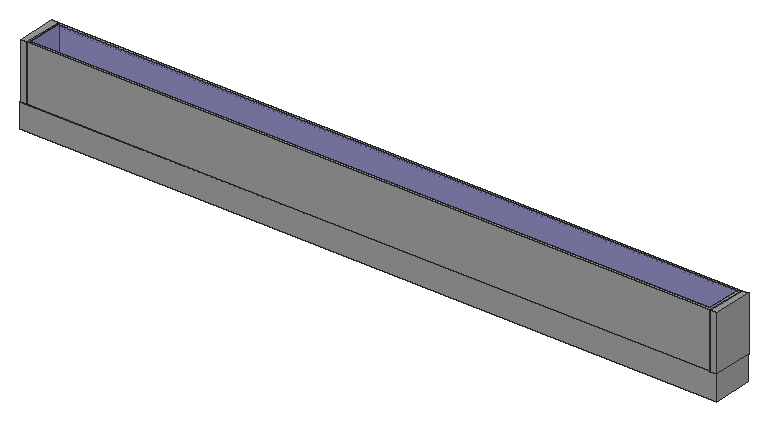
Revit family "77155_HOST_FACE", category Lighting Fixtures, host Face, Revit 2015
Parameters (values of type "Facade floodlights")
  Wattage = 17.2813 W
  built-in parameter 1150110 = 1 (stored number, unit not read)
  URL = "www.bega-us.com"
  built-in parameter 1114217 = 1 (stored number, unit not read)
  Tilt Angle = 90.00°
  built-in parameter 1150109 = 1 (stored number, unit not read)
  built-in parameter 1150134 = (empty or 0)
  Telephone = "805.684.0533"
  built-in parameter 1150113 = 1 (stored number, unit not read)
  Photometric Web File = "77155.ies"
  Model = "77 155"
  Manufacturer = "BEGA-US"
  built-in parameter 1150105 = 204.28 (stored number, unit not read)
  Lumens = 2567 lm
  built-in parameter 1150115 = 1 (stored number, unit not read)
  built-in parameter 1150137 = (empty or 0)
  built-in parameter 1150139 = (empty or 0)
  built-in parameter 1150112 = 1 (stored number, unit not read)
  built-in parameter 1150114 = 1 (stored number, unit not read)
  Lamp = "33.6W LED"
  built-in parameter 1150132 = 2
  built-in parameter 1150102 = (empty or 0)
  built-in parameter 1150107 = 3000 (stored number, unit not read)
  built-in parameter 1150138 = (empty or 0)
  built-in parameter 1150106 = 2.0428 (stored number, unit not read)
  built-in parameter 1150104 = 13.8 (stored number, unit not read)
  Dimming Lamp Color Temperature Shift = <None>
  Description = "Facade floodlight - symmetric wide beam"
  Default Elevation = 0' - 0"
  Color Filter = 16777215
  built-in parameter 1114218 = 1 (stored number, unit not read)
  built-in parameter 1150133 = 10 (stored number, unit not read)
Types (5): name | Wattage | built-in parameter 1150134 | Photometric Web File | Model | built-in parameter 1150105 | Lumens | Lamp | built-in parameter 1150107 | built-in parameter 1150106 | Description | Default Elevation
  (no name) | 17.2813 W | (empty or 0) | "77155.ies" | "77 155" | 204.28 (stored number, unit not read) | 2567 lm | "33.6W LED" | 3000 (stored number, unit not read) | 2.0428 (stored number, unit not read) | "Facade floodlight - symmetric wide beam" | 0' - 0"
  Wall Luminaires - Directed Light | 18.4392 W | (empty or 0) | "generic" | "2260LED" | 217.96 (stored number, unit not read) | 2739 lm | "44.6W LED" | 3000 (stored number, unit not read) | 2.1796 (stored number, unit not read) | "Surface wall with cutoff optics" | 6' - 0"
  Wall Luminaires - Linear | 9.92985 W | 9 | "generic" | "4425P" | 117.38 (stored number, unit not read) | 1475 lm | "(1) 39W CF twin-4-p" | 3450 (stored number, unit not read) | 1.1738 (stored number, unit not read) | "Suface wall - linear with white acrylic diffuser" | 6' - 0"
  Ceiling and Wall Luminaires - Unshielded | 2.66591 W | (empty or 0) | "33508.ies" | "33 508" | 31.513 (stored number, unit not read) | 396 lm | "8.4W LED" | 3000 (stored number, unit not read) | 0.31513 (stored number, unit not read) | "LED ceiling and wall luminaires - impact resistant" | 6' - 0"
  Facade floodlights | 17.2813 W | (empty or 0) | "77155.ies" | "77 155" | 204.28 (stored number, unit not read) | 2567 lm | "33.6W LED" | 3000 (stored number, unit not read) | 2.0428 (stored number, unit not read) | "Facade floodlight - symmetric wide beam" | 0' - 0"
Reference planes (in)
  plane 1 "Center (Front/Back)": y = 0
  plane 2: z = 0
  plane 3 "Center (Left/Right)": x = 0
Dimensions and locks (in)
  aligned and locked: plane 2 to host face
  aligned and locked: level to host face
Nested families (in)
  nested 1: "77153" at (0, 0, 0), type "77153"
Connectors (in)
  electrical at (0, 0, 0)
    settings: on host face, index 1, voltage 0 V, apparent load 0 VA, apparent load phase1 0 VA, apparent load phase2 0 VA, apparent load phase3 0 VA, power factor 1, load classification "Other", number of poles 1, system type 31, power factor state 1, is connector primary yes, connector utility no, sub classification motor no, connector description ""
Definition of nested family "77153"
  Reference planes (in)
    plane 1 "Center (Front/Back)": y = 0
    plane 2: z = 0
    plane 3 "Center (Left/Right)": x = 0
  Forms (in)
    Extrusion 1, solid
      sketch origin (0, 0, 0) x (1, 0, 0) y (0, 1, 0)
        loop
          line (19.6875, 1.125) -> (-19.6875, 1.125) -> (-19.6875, -1.125) -> (19.6875, -1.125) -> (19.6875, 1.125)
      from 1.375 to 0
    Extrusion 2, solid
      sketch origin (0, 0, 0) x (1, 0, 0) y (0, 1, 0)
        loop
          line (-19.6875, 1.125) -> (-19.6875, -1.125) -> (-19.3125, -1.125) -> (-19.3125, 1.125) -> (-19.6875, 1.125)
        loop
          line (19.6875, 1.125) -> (19.3125, 1.125) -> (19.3125, -1.125) -> (19.6875, -1.125) -> (19.6875, 1.125)
      from 1.375 to 4.5
    Extrusion 3, solid
      sketch origin (0, 0, 0) x (1, 0, 0) y (0, 1, 0)
        loop
          line (-19.3125, 1.125) -> (-19.3125, -1.125) -> (19.3125, -1.125) -> (19.3125, 1.125) -> (-19.3125, 1.125)
        loop
          line (-19.1875, 1) -> (-19.1875, -1) -> (19.1875, -1) -> (19.1875, 1) -> (-19.1875, 1)
      from 1.375 to 4.5
    Extrusion 4, solid
      sketch origin (0, 0, 0) x (1, 0, 0) y (0, 1, 0)
        loop
          line (-19.1875, 1) -> (-19.1875, -1) -> (19.1875, -1) -> (19.1875, 1) -> (-19.1875, 1)
      from 4.375 to 4.5
  Dimensions and locks (in)
    aligned and locked: plane 2 to level
